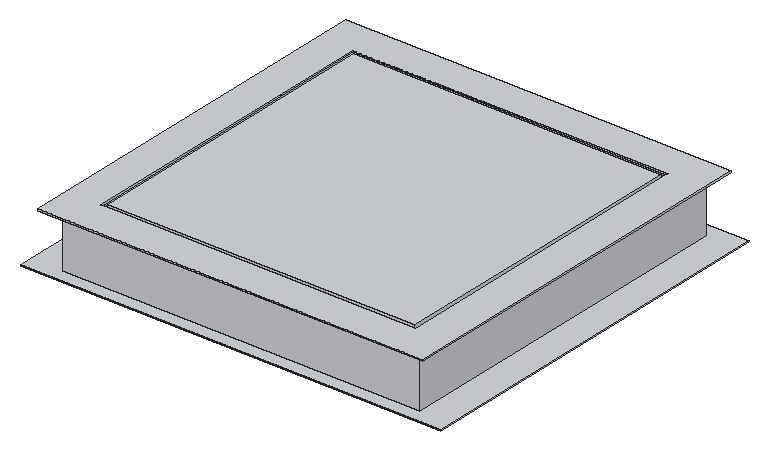
Revit family "Unterflurdose UZD350-3_70-125 mm", category Generic Models, Revit 2015
Parameters (values of type "UZD 350-3")
  URL = "http://www.obo-bettermann.com"
  Size "b" = 383 mm
  Size "a" = 362 mm
  Material = Steel, Galvanized
  Manufacturer Art. No. = "7410034"
  Manufacturer = "OBO Bettermann"
  HeightCalc = if(Height < 70 mm, 70 mm, (if(Height > 125 mm, 125 mm, Height)))  # 70 mm
  Height = 70 mm
  GTIN = "4012195431633"
  Cover Width = 373 mm
  Article Type = "UZD 350-3"
  "B" Dimension = 510 mm
  "A" Dimension = 467 mm
Reference planes
  plane 1 "Center (Front/Back)": y = 0
  plane 2: z = 0
  plane 3 "Center (Left/Right)": x = 0
  plane 4: z = 1
  plane 5: x = -255
  plane 6: y = -233.5
  plane 7: x = 255
  plane 8: y = 233.5
  plane 9: y = -217
  plane 10: x = 217
  plane 11: y = 217
  plane 12: x = -217
  plane 13: z = 68
  plane 14: z = 70
  plane 15: x = -233.5
  plane 16: x = 233.5
  plane 17: y = 191.5
  plane 18: x = 191.5
  plane 19: x = -191.5
  plane 20: y = -191.5
  plane 21: z = 66
  plane 22: y = 181
  plane 23: y = -181
  plane 24: x = 181
  plane 25: x = -181
  plane 26: y = -186.5
  plane 27: x = 186.5
  plane 28: y = 186.5
  plane 29: x = -186.5
Forms (mm)
  Extrusion 1, solid
    sketch origin (0, 0, 0) x (1, 0, 0) y (0, 1, 0)
      loop
        line (255, 233.5) -> (-255, 233.5) -> (-255, -233.5) -> (255, -233.5) -> (255, 233.5)
    from 0 to 1
  Extrusion 2, solid
    sketch origin (0, 0, 0) x (1, 0, 0) y (0, 1, 0)
      loop
        line (-217, 217) -> (-217, -217) -> (217, -217) -> (217, 217) -> (-217, 217)
    from 1 to 68
  Extrusion 3, solid
    sketch origin (0, 0, 0) x (1, 0, 0) y (0, 1, 0)
      loop
        line (-233.5, 233.5) -> (-233.5, -233.5) -> (233.5, -233.5) -> (233.5, 233.5) -> (-233.5, 233.5)
    from 68 to 70
  Extrusion 4, void
    sketch origin (0, 0, 0) x (1, 0, 0) y (0, 1, 0)
      loop
        line (-191.5, 191.5) -> (-191.5, -191.5) -> (191.5, -191.5) -> (191.5, 191.5) -> (-191.5, 191.5)
    from 66 to 70
  Extrusion 5, void
    sketch origin (0, 0, 0) x (1, 0, 0) y (0, 1, 0)
      loop
        line (-181, 181) -> (-181, -181) -> (181, -181) -> (181, 181) -> (-181, 181)
    from 1 to 66
  Extrusion 6, solid
    sketch origin (0, 0, 0) x (1, 0, 0) y (0, 1, 0)
      loop
        line (-186.5, 186.5) -> (-186.5, -186.5) -> (186.5, -186.5) -> (186.5, 186.5) -> (-186.5, 186.5)
    from 66 to 70
Cuts and joins
  Extrusion 4, Extrusion 5 cuts Extrusion 1
  Extrusion 4, Extrusion 5 cuts Extrusion 2
  Extrusion 4 cuts Extrusion 3
Lines and regions (mm)
  model lines
    curve 1: line (255, 233.5, 0) -> (-255, 233.5, 0)
    curve 2: line (255, 233.5, 0) -> (255, -233.5, 0)
    curve 3: line (255, -233.5, 0) -> (-255, -233.5, 0)
    curve 4: line (-255, -233.5, 0) -> (-255, 233.5, 0)
    curve 5: line (-217, 217, 0) -> (217, 217, 0)
    curve 6: line (217, 217, 0) -> (217, -217, 0)
    curve 7: line (217, -217, 0) -> (-217, -217, 0)
    curve 8: line (-217, -217, 0) -> (-217, 217, 0)
    curve 9: line (-233.5, 233.5, 0) -> (-233.5, -233.5, 0)
    curve 10: line (233.5, -233.5, 0) -> (233.5, 233.5, 0)
    curve 11: line (-191.5, 191.5, 0) -> (191.5, 191.5, 0)
    curve 12: line (191.5, 191.5, 0) -> (191.5, -191.5, 0)
    curve 13: line (191.5, -191.5, 0) -> (-191.5, -191.5, 0)
    curve 14: line (-191.5, -191.5, 0) -> (-191.5, 191.5, 0)
    curve 15: line (-181, 181, 0) -> (181, 181, 0)
    curve 16: line (181, 181, 0) -> (181, -181, 0)
    curve 17: line (181, -181, 0) -> (-181, -181, 0)
    curve 18: line (-181, -181, 0) -> (-181, 181, 0)
    curve 19: line (-186.5, 186.5, 0) -> (186.5, 186.5, 0)
    curve 20: line (186.5, 186.5, 0) -> (186.5, -186.5, 0)
    curve 21: line (186.5, -186.5, 0) -> (-186.5, -186.5, 0)
    curve 22: line (-186.5, -186.5, 0) -> (-186.5, 186.5, 0)
Dimensions and locks
  locked: level to plane 4 at 1
  equal spacing: plane 6, plane 1 "Center (Front/Back)", plane 8
  ""A" Dimension": plane 6 to plane 8
  equal spacing: plane 5, plane 3 "Center (Left/Right)", plane 7
  ""B" Dimension": plane 5 to plane 7
  locked: plane 13 to plane 14 at 2
  equal spacing: plane 19, plane 3 "Center (Left/Right)", plane 18
  "Size "b"": plane 19 to plane 18
  equal spacing: plane 17, plane 1 "Center (Front/Back)", plane 20
  "Size "b"": plane 17 to plane 20
  "HeightCalc": level to plane 14
  locked: plane 21 to plane 14 at 4
  equal spacing: plane 25, plane 3 "Center (Left/Right)", plane 24
  "Size "a"": plane 25 to plane 24
  equal spacing: plane 22, plane 1 "Center (Front/Back)", plane 23
  "Size "a"": plane 22 to plane 23
  equal spacing: plane 29, plane 3 "Center (Left/Right)", plane 27
  "Cover Width": plane 29 to plane 27
  equal spacing: plane 28, plane 1 "Center (Front/Back)", plane 26
  "Cover Width": plane 28 to plane 26
  locked: plane 11 to plane 8 at 16.5
  locked: plane 9 to plane 6 at 16.5
  locked: plane 10 to plane 7 at 38
  locked: plane 5 to plane 12 at 38
  locked: plane 5 to plane 15 at 21.5
  locked: plane 16 to plane 7 at 21.5
  aligned and locked: level to plane 2
  aligned and locked: plane 7 to curve 2
  aligned and locked: plane 5 to curve 4
  aligned and locked: Extrusion 1 sketch curve to curve 1
  aligned and locked: Extrusion 1 sketch curve to curve 2
  aligned and locked: Extrusion 1 sketch curve to curve 3
  aligned and locked: Extrusion 1 sketch curve to curve 4
  aligned and locked: plane 4 to Extrusion 1
  aligned and locked: plane 11 to curve 5
  aligned and locked: curve 6 to plane 10
  aligned and locked: plane 9 to curve 7
  aligned and locked: curve 8 to plane 12
  aligned and locked: Extrusion 2 sketch curve to curve 5
  aligned and locked: Extrusion 2 sketch curve to curve 6
  aligned and locked: Extrusion 2 sketch curve to curve 7
  aligned and locked: Extrusion 2 sketch curve to curve 8
  aligned and locked: plane 13 to Extrusion 2
  aligned and locked: Extrusion 2 to plane 4
  aligned and locked: curve 9 to plane 15
  aligned and locked: plane 16 to curve 10
  aligned and locked: Extrusion 3 sketch curve to curve 9
  aligned and locked: Extrusion 3 sketch curve to curve 10
  aligned and locked: plane 6 to Extrusion 3 sketch curve
  aligned and locked: Extrusion 3 sketch curve to plane 8
  aligned and locked: Extrusion 3 to plane 13
  aligned and locked: plane 14 to Extrusion 3
  aligned and locked: curve 11 to plane 17
  aligned and locked: curve 12 to plane 18
  aligned and locked: plane 20 to curve 13
  aligned and locked: curve 14 to plane 19
  aligned and locked: Extrusion 1 to level
  aligned and locked: Extrusion 4 sketch curve to curve 11
  aligned and locked: Extrusion 4 sketch curve to curve 12
  aligned and locked: Extrusion 4 sketch curve to curve 13
  aligned and locked: Extrusion 4 sketch curve to curve 14
  aligned and locked: plane 14 to Extrusion 4
  aligned and locked: Extrusion 4 to plane 21
  aligned and locked: curve 15 to plane 22
  aligned and locked: curve 16 to plane 24
  aligned and locked: plane 23 to curve 17
  aligned and locked: curve 18 to plane 25
  aligned and locked: Extrusion 5 sketch curve to curve 15
  aligned and locked: Extrusion 5 sketch curve to curve 18
  aligned and locked: Extrusion 5 sketch curve to curve 17
  aligned and locked: Extrusion 5 sketch curve to curve 16
  aligned and locked: plane 21 to Extrusion 5
  aligned and locked: Extrusion 5 to plane 4
  aligned and locked: curve 19 to plane 28
  aligned and locked: curve 20 to plane 27
  aligned and locked: curve 21 to plane 26
  aligned and locked: curve 22 to plane 29
  aligned and locked: Extrusion 6 sketch curve to curve 19
  aligned and locked: Extrusion 6 sketch curve to curve 22
  aligned and locked: Extrusion 6 sketch curve to curve 21
  aligned and locked: Extrusion 6 sketch curve to curve 20
  aligned and locked: Extrusion 6 to plane 21
  aligned and locked: plane 14 to Extrusion 6
Automatic sketch dimensions
  curve 10 to plane 6 = 0 mm
  plane 8 to curve 9 = 0 mm
